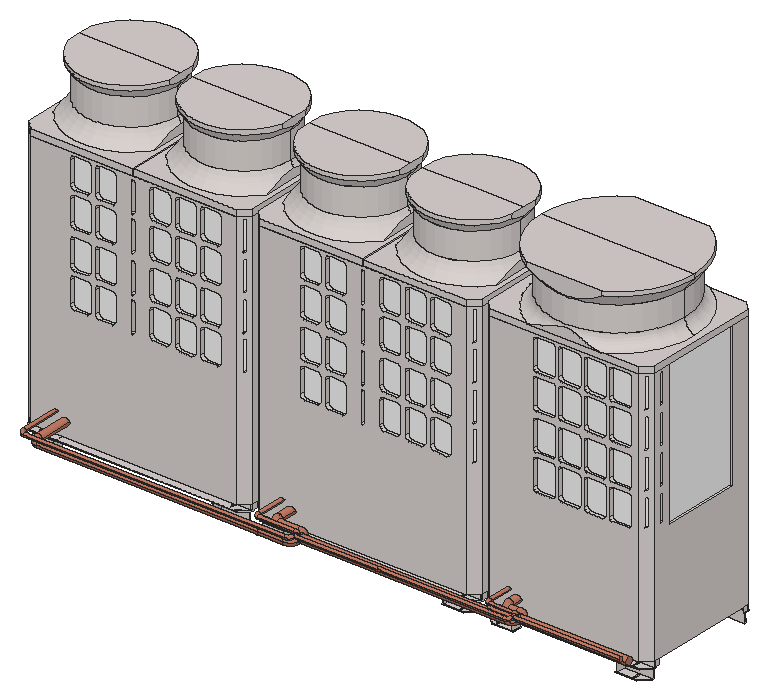
Revit family "PUHY-EP1000YSNW-A", category Mechanical Equipment, Revit 2012
Parameters (values of type "PUHY-EP1000YSNW-A_380V_50Hz")
  Sound Pressure Level (dB(A)) Heating mode = 68.5
  Sound Pressure Level (dB(A)) Cooling mode = 68
  Model = "PUHY-EP1000YSNW-A"
  Width = 3460 mm
  WarrantyStart = ""
  Voltage = 380 V
  Unit Weight (kg) = 821
  URL = "http://www.mitsubishielectric.com/"
  Temp. range of heating (Outdoor temp.) (W.B.) = "-20.0 to 15.5"
  Temp. range of heating (Indoor temp.) (D.B.) = "15.0 to 27.0"
  TagNumber = 0
  Subcategory = "HVAC"
  Space View = yes
  SerialNumber = 0
  ReplacementYear = ""
  Refrigerant type = "R410A"
  Refrigerant Charge (kg) = 27.1
  Protection Devices_Inverter circuit (COMP./FAN) = "Over-heat protection, Over-current protection"
  Protection Devices_High pressure (MPa) = "High pressure sensor, High pressure switch at 4.15"
  Phase = 3
  Manufacturer = "Mitsubishi Electric Corporation"
  Outdoor unit 3 = PUHY-EP250YNW-A : PUHY-EP250YNW-A
  Outdoor unit 2 = PUHY-EP350YNW-A : PUHY-EP350YNW-A
  Outdoor unit 1 = PUHY-EP400YNW-A : PUHY-EP400YNW-A
  Note_1 = "Refrigerant pipe diameters may change depending on the installation condition. Please refer to the installation manual."
  Maximum Circuit Ampacity (A) = 68.7
  Liquid pipe_radius = 9.525 mm
  InstallationDate = ""
  Indoor Unit Total Capacity = "50 to 130% of outdoor unit capacity"
  Indoor Unit Model/Quantity = "P15 to P250/2 to 50"
  Hertz = 50 Hz
  Height = 1858 mm
  Heating Power Input (kW) = 28.7
  Heating Current (A) = 48.4
  Heating Capacity (kW) = 127
  Heating COP (kW/kW) = 4.42
  Gas pipe_radius = 20.64 mm
  Fan_Type = "Propeller Fan"
  Fan_Quantity = 5
  Fan Motor Output (kW) = 2.76
  External static pressure (Pa) = 0
  External Finish = "Pre-coated galvanized steel sheets (+powder coating for -BS type) <MUNSELL 5Y 8/1 or similar>"
  Equip_description = ""
  Equip_No. = 0
  Equip_ID = ""
  Description = ""
  Depth = 740 mm
  CreatedOn = ""
  CreatedBy = ""
  Cooling Power Input (kW) = 25.33
  Cooling EER (kW/kW) = 4.46
  Cooling Current (A) = 42.7
  Cooling Capacity (kW) = 113
  Compressor_Type = "Inverter scroll hermetic compressor"
  Compressor_Quantity = 3
  Compressor_Lubricant = "MEL32"
  Compressor Motor Output (kW) = 27.7
  Category = ""
  Barcode = ""
  AssetIdentifier = ""
  Airflow Rate (m3/min) = 725
  Airflow Rate (m3/h) = 43500
Reference planes
  plane 1 "Center (Front/Back)": y = 0
  plane 2: z = 0
  plane 3 "Center (Left/Right)": x = -160
  plane 4: z = 1710
  plane 5: z = 60
  plane 6: y = 370
  plane 7 "front": y = -370
  plane 8: x = -1890
  plane 9: x = 1570
  plane 10: x = -620
  plane 11: x = 620
  plane 12: x = -650
  plane 13: x = 650
  plane 14: y = 370
  plane 15: y = -370
  plane 16: z = 1858
Forms (mm)
  Sweep 1, solid, material "Copper"
    path origin (137.855, 17.925, 207.255) x (0, -1, 0) y (1, 0, 0)
      loop
        line (380, -1839.039) -> (605, -1839.039)
        arc (605, -1839.039) -> (626.213, -1830.253) -> (635, -1809.039) r 30
        line (635, -1809.039) -> (635, -368.337)
        arc (635, -368.337) -> (629.142, -354.195) -> (615, -348.337) r 20
        line (615, -348.337) -> (590, -348.337)
        arc (590, -348.337) -> (575.858, -354.195) -> (570, -368.337) r 20
        line (570, -368.337) -> (570, -568.337)
        arc (570, -568.337) -> (564.142, -582.479) -> (550, -588.337) r 20
        line (550, -588.337) -> (380, -588.337)
    profile origin (-1701.184, -474.575, 207.255) x (1, 0, 0) y (0, 0, 1)
      loop
        circle (0, 0) r 9.525
  Sweep 2, solid, material "Copper"
    path origin (111.295, 17.925, 173.255) x (-1, 0, 0) y (0, -1, 0)
      loop
        line (1758.141, 380) -> (1758.141, 575)
        arc (1758.141, 575) -> (1747.889, 599.749) -> (1723.141, 610) r 35
        line (1723.141, 610) -> (502, 610) -> (364.723, 610)
        arc (364.723, 610) -> (339.974, 599.749) -> (329.723, 575) r 35
        line (329.723, 575) -> (329.723, 545)
        arc (329.723, 545) -> (339.974, 520.251) -> (364.723, 510) r 35
        line (364.723, 510) -> (475.673, 510)
        arc (475.673, 510) -> (500.421, 499.749) -> (510.673, 475) r 35
        line (510.673, 475) -> (510.673, 380)
    profile origin (-1646.846, -459.575, 173.255) x (1, 0, 0) y (0, 0, 1)
      loop
        circle (0, 0) r 20.64
  Sweep 3, solid, material "Copper"
    path origin (214.685, 17.925, 207.255) x (0, -1, 0) y (1, 0, 0)
      loop
        line (605, -426.689) -> (605, 43.311) -> (605, 737.327)
        arc (605, 737.327) -> (599.142, 751.469) -> (585, 757.327) r 20
        line (585, 757.327) -> (560.96, 757.327)
        arc (560.96, 757.327) -> (546.818, 751.469) -> (540.96, 737.327) r 20
        line (540.96, 737.327) -> (540.96, 607.327)
        arc (540.96, 607.327) -> (535.102, 593.185) -> (520.96, 587.327) r 20
        line (520.96, 587.327) -> (380, 587.327)
    profile origin (22.996, -587.075, 207.255) x (0, 1, 0) y (0, 0, 1)
      loop
        circle (0, 0) r 9.525
  Sweep 4, solid, material "Copper"
    path origin (188.125, 17.925, 173.255) x (-1, 0, 0) y (0, -1, 0)
      loop
        line (406.853, 555.96) -> (-741.149, 555.96)
        arc (-741.149, 555.96) -> (-765.897, 545.709) -> (-776.149, 520.96) r 35
        line (-776.149, 520.96) -> (-776.149, 510)
        arc (-776.149, 510) -> (-765.897, 485.251) -> (-741.149, 475) r 35
        line (-741.149, 475) -> (-696.149, 475)
        arc (-696.149, 475) -> (-671.4, 464.749) -> (-661.149, 440) r 35
        line (-661.149, 440) -> (-661.149, 380)
    profile origin (355.273, -538.035, 173.255) x (0, 1, 0) y (0, 0, 1)
      loop
        circle (0, 0) r 20.64
  Sweep 5, solid, material "Copper"
    path origin (114.685, 17.925, 207.255) x (0, -1, 0) y (1, 0, 0)
      loop
        line (572.806, 727.767) -> (572.806, 1455.315)
    profile origin (1206.226, -554.881, 207.255) x (0, 1, 0) y (0, 0, 1)
      loop
        circle (0, 0) r 9.525
  Sweep 6, solid, material "Copper"
    path origin (88.125, 17.925, 173.255) x (-1, 0, 0) y (0, -1, 0)
      loop
        line (-749.534, 515.995) -> (-1481.875, 515.995)
    profile origin (1203.83, -498.07, 173.255) x (0, 1, 0) y (0, 0, 1)
      loop
        circle (0, 0) r 20.64
Dimensions and locks
  nested 2 to nested 1 = 30 mm
  nested 1 to nested 3 = 30 mm
  nested 1 to nested 1 = 1240 mm
  nested 2 to nested 2 = 1240 mm
  nested 3 to nested 3 = 920 mm
  "Liquid pipe_radius": radius of Sweep 5 sketch curve
  "Gas pipe_radius": radius of Sweep 6 sketch curve
  aligned and locked: level to plane 2
Automatic sketch dimensions
  Sweep 1 sketch curve to plane 7 "front" = 7.925 mm  (x2)
  plane 7 "front" to Sweep 1 sketch curve = 162.075 mm
  Sweep 1 sketch curve to plane 3 "Center (Left/Right)" = 70.482 mm
  Sweep 1 sketch curve to Sweep 1 sketch curve = 20 mm
  Sweep 1 sketch curve to plane 3 "Center (Left/Right)" = 50.482 mm
  plane 7 "front" to Sweep 1 sketch curve = 217.075 mm
  Sweep 1 sketch curve to Sweep 1 sketch curve = 25 mm
  Sweep 1 sketch curve to Sweep 1 sketch curve = 30 mm
  Sweep 1 sketch curve to plane 3 "Center (Left/Right)" = 270.482 mm
  profile plane to Sweep 1 sketch curve = 0 mm
  Sweep 1 sketch curve to profile plane = 0 mm
  Sweep 2 sketch curve to plane 3 "Center (Left/Right)" = 58.427 mm
  Sweep 2 sketch curve to plane 3 "Center (Left/Right)" = 93.427 mm  (x2)
  Sweep 2 sketch curve to plane 3 "Center (Left/Right)" = 204.377 mm
  Sweep 2 sketch curve to plane 3 "Center (Left/Right)" = 230.705 mm
  Sweep 2 sketch curve to Sweep 2 sketch curve = 35 mm  (x2)
  plane 7 "front" to Sweep 2 sketch curve = 222.075 mm
  Sweep 2 sketch curve to Sweep 2 sketch curve = 30 mm
  Sweep 2 sketch curve to plane 7 "front" = 7.925 mm  (x2)
  profile plane to Sweep 2 sketch curve = 0 mm
  Sweep 2 sketch curve to profile plane = 0 mm
  Sweep 3 sketch curve to profile plane = 0 mm  (x2)
  plane 7 "front" to Sweep 4 sketch curve = 122.075 mm
  plane 7 "front" to Sweep 4 sketch curve = 87.075 mm
  Sweep 4 sketch curve to Sweep 4 sketch curve = 0 mm
  Sweep 4 sketch curve to Sweep 4 sketch curve = 45 mm
  plane 7 "front" to Sweep 4 sketch curve = 52.075 mm
  Sweep 4 sketch curve to plane 3 "Center (Left/Right)" = 58.728 mm
  Sweep 4 sketch curve to Sweep 4 sketch curve = 60 mm
  Sweep 4 sketch curve to Sweep 4 sketch curve = 10.96 mm
  Sweep 4 sketch curve to profile plane = 0 mm  (x2)
  Sweep 5 sketch curve to profile plane = 0 mm  (x2)
  Sweep 6 sketch curve to profile plane = 0 mm  (x2)
  Sweep 3 sketch curve to plane 7 "front" = 7.925 mm
  plane 7 "front" to Sweep 3 sketch curve = 133.035 mm
  Sweep 3 sketch curve to Sweep 3 sketch curve = 20 mm  (x2)
  Sweep 3 sketch curve to Sweep 3 sketch curve = 24.04 mm
  plane 7 "front" to Sweep 3 sketch curve = 217.075 mm
  Sweep 3 sketch curve to plane 3 "Center (Left/Right)" = 52.004 mm
  Sweep 3 sketch curve to Sweep 3 sketch curve = 470 mm
  Sweep 3 sketch curve to Sweep 3 sketch curve = 544.016 mm
  Sweep 3 sketch curve to Sweep 3 sketch curve = 130 mm
  Sweep 1 sketch curve to Sweep 1 sketch curve = 1220.702 mm
  Sweep 2 sketch curve to Sweep 2 sketch curve = 1212.468 mm
  Sweep 4 sketch curve to Sweep 4 sketch curve = 1068.002 mm
  Sweep 5 sketch curve to plane 9 = 0 mm
  plane 7 "front" to Sweep 5 sketch curve = 184.881 mm
  Sweep 5 sketch curve to plane 9 = 727.547 mm
  Sweep 6 sketch curve to plane 9 = 0 mm
  plane 7 "front" to Sweep 6 sketch curve = 128.07 mm
  Sweep 6 sketch curve to plane 9 = 732.341 mm
  radius of Sweep 1 sketch curve = 9.525 mm
  radius of Sweep 2 sketch curve = 20.64 mm
  radius of Sweep 3 sketch curve = 9.525 mm
  radius of Sweep 4 sketch curve = 20.64 mm
Nested families
  nested 1: "PUHY-EP350YNW-A" at (0, 0, 0), type <- "Outdoor unit 2", type "PUHY-EP350YNW-A"
  nested 2: "PUHY-EP400YNW-A" at (-1270, 0, 0), type <- "Outdoor unit 1", type "PUHY-EP400YNW-A"
  nested 3: "PUHY-EP250YNW-A" at (1110, 0, 0), type <- "Outdoor unit 3", type "PUHY-EP250YNW-A"
Connectors
  piping at (1570, -498.07, 173.255), driven by "Gas pipe_radius"
    settings: on Sweep 6, index 1, connector radius 20.64 mm, flow factor 0, pipe flow 0.0 L/s, pressure drop 0.0 Pa, fitting loss kfactor 0, connector angle 0.00°, fixture units 0, engagement length 0 mm, flow configuration 0, flow direction 0, fitting loss method 0, system type 22, joint type 0, gender type 0, connector reference index -1, connector utility 0, adjustable connector no, is connector primary yes, fitting loss table "", connector description "Indoor unit-Twinning pipe(Gas)"
  piping at (1570, -554.881, 207.255), driven by "Liquid pipe_radius"
    settings: on Sweep 5, index 2, connector radius 9.525 mm, flow factor 0, pipe flow 0.0 L/s, pressure drop 0.0 Pa, fitting loss kfactor 0, connector angle 0.00°, fixture units 0, engagement length 0 mm, flow configuration 0, flow direction 0, fitting loss method 0, system type 22, joint type 0, gender type 0, connector reference index -1, connector utility 0, adjustable connector no, is connector primary no, fitting loss table "", connector description "Indoor unit-Twinning pipe(Liquid)"
  electrical at (992, -370, 279), driven by "Phase", driven by "Voltage"
    settings: index 3, voltage 380 V, apparent load 0 VA, apparent load phase1 0 VA, apparent load phase2 0 VA, apparent load phase3 0 VA, power factor 1, load classification "その他", number of poles 3, system type 30, power factor state 1, is connector primary yes, connector utility no, sub classification motor no, connector description ""
  electrical at (-258, -370, 279), driven by "Phase", driven by "Voltage"
    settings: index 4, voltage 380 V, apparent load 0 VA, apparent load phase1 0 VA, apparent load phase2 0 VA, apparent load phase3 0 VA, power factor 1, load classification "その他", number of poles 3, system type 30, power factor state 1, is connector primary no, connector utility no, sub classification motor no, connector description ""
  electrical at (-1508, -370, 279), driven by "Phase", driven by "Voltage"
    settings: index 5, voltage 380 V, apparent load 0 VA, apparent load phase1 0 VA, apparent load phase2 0 VA, apparent load phase3 0 VA, power factor 1, load classification "その他", number of poles 3, system type 30, power factor state 1, is connector primary no, connector utility no, sub classification motor no, connector description ""
Definition of nested family "PUHY-EP350YNW-A"
  Parameters (values of type "PUHY-P350YNW-A")
    Model = "PUHY-P350YNW-A"
    URL = "http://www.mitsubishielectric.com/"
    Manufacturer = "Mitsubishi Electric Corporation"
    Liquid pipe_radius = 12.7 mm
    Gas pipe_radius = 14.29 mm
  Reference planes
    plane 1 "Center (Front/Back)": y = 0
    plane 2: z = 0
    plane 3 "Center (Left/Right)": x = 0
    plane 4: y = 370
    plane 5: z = 1858
    plane 6: y = -260
    plane 7: y = -204
    plane 8: y = -185
    plane 9: x = -620
    plane 10: x = 620
    plane 11: x = -620
    plane 12: z = 716
    plane 13: x = -524
    plane 14: z = 669
    plane 15: x = -50.5
    plane 16: x = 51
    plane 17: x = 489
    plane 18: x = 467
    plane 19 "132": x = 488
    plane 20 "100": z = 160
    plane 21: z = 185
    plane 22: x = 413
    plane 23: x = 364
    plane 24: z = 150
    plane 25: x = -287.25
    plane 26: x = -137.25
    plane 27: x = -272.25
    plane 28: y = -278
    plane 29: z = 1509
    plane 30: y = -370
    plane 31: x = -530
    plane 32: x = 530
    plane 33 "179": y = -191
  Forms (mm)
    Extrusion 1, solid, material "Paint_5Y 8/1"
      sketch origin (-1, 0, 113) x (-1, 0, 0) y (0, -1, 0)
        loop
          line (569, -370) -> (619, -320) -> (619, 320) -> (569, 370) -> (-571, 370) -> (-621, 320) -> (-621, -320) -> (-571, -370) -> (569, -370)
      from -18 to 1408
    Extrusion 2, void
      sketch origin (524, -370, 113) x (1, 0, 0) y (0, 0, -1)
        loop
          arc (-60.8, -1393.5) -> (-42.557, -1385.943) -> (-35, -1367.7) r 25.8
          line (-35, -1367.7) -> (-35, -1248.5)
          arc (-35, -1248.5) -> (-42.557, -1230.257) -> (-60.8, -1222.7) r 25.8
          line (-60.8, -1222.7) -> (-126, -1222.7)
          arc (-126, -1222.7) -> (-144.243, -1230.257) -> (-151.8, -1248.5) r 25.8
          line (-151.8, -1248.5) -> (-151.8, -1367.7)
          arc (-151.8, -1367.7) -> (-144.243, -1385.943) -> (-126, -1393.5) r 25.8
          line (-126, -1393.5) -> (-60.8, -1393.5)
      from 0 to 20
    Extrusion 3, void
      sketch origin (524, -370, -81) x (1, 0, 0) y (0, 0, -1)
        loop
          arc (-60.8, -1393.5) -> (-42.557, -1385.943) -> (-35, -1367.7) r 25.8
          line (-35, -1367.7) -> (-35, -1248.5)
          arc (-35, -1248.5) -> (-42.557, -1230.257) -> (-60.8, -1222.7) r 25.8
          line (-60.8, -1222.7) -> (-126, -1222.7)
          arc (-126, -1222.7) -> (-144.243, -1230.257) -> (-151.8, -1248.5) r 25.8
          line (-151.8, -1248.5) -> (-151.8, -1367.7)
          arc (-151.8, -1367.7) -> (-144.243, -1385.943) -> (-126, -1393.5) r 25.8
          line (-126, -1393.5) -> (-60.8, -1393.5)
      from 0 to 20
    Extrusion 4, void
      sketch origin (524, -370, -287) x (1, 0, 0) y (0, 0, -1)
        loop
          arc (-60.8, -1393.5) -> (-42.557, -1385.943) -> (-35, -1367.7) r 25.8
          line (-35, -1367.7) -> (-35, -1248.5)
          arc (-35, -1248.5) -> (-42.557, -1230.257) -> (-60.8, -1222.7) r 25.8
          line (-60.8, -1222.7) -> (-126, -1222.7)
          arc (-126, -1222.7) -> (-144.243, -1230.257) -> (-151.8, -1248.5) r 25.8
          line (-151.8, -1248.5) -> (-151.8, -1367.7)
          arc (-151.8, -1367.7) -> (-144.243, -1385.943) -> (-126, -1393.5) r 25.8
          line (-126, -1393.5) -> (-60.8, -1393.5)
      from 0 to 20
    Extrusion 5, void
      sketch origin (524, -370, -481) x (1, 0, 0) y (0, 0, -1)
        loop
          arc (-60.8, -1393.5) -> (-42.557, -1385.943) -> (-35, -1367.7) r 25.8
          line (-35, -1367.7) -> (-35, -1248.5)
          arc (-35, -1248.5) -> (-42.557, -1230.257) -> (-60.8, -1222.7) r 25.8
          line (-60.8, -1222.7) -> (-126, -1222.7)
          arc (-126, -1222.7) -> (-144.243, -1230.257) -> (-151.8, -1248.5) r 25.8
          line (-151.8, -1248.5) -> (-151.8, -1367.7)
          arc (-151.8, -1367.7) -> (-144.243, -1385.943) -> (-126, -1393.5) r 25.8
          line (-126, -1393.5) -> (-60.8, -1393.5)
      from 0 to 20
    Extrusion 6, void
      sketch origin (384, -370, 113) x (1, 0, 0) y (0, 0, -1)
        loop
          arc (-60.8, -1393.5) -> (-42.557, -1385.943) -> (-35, -1367.7) r 25.8
          line (-35, -1367.7) -> (-35, -1248.5)
          arc (-35, -1248.5) -> (-42.557, -1230.257) -> (-60.8, -1222.7) r 25.8
          line (-60.8, -1222.7) -> (-126, -1222.7)
          arc (-126, -1222.7) -> (-144.243, -1230.257) -> (-151.8, -1248.5) r 25.8
          line (-151.8, -1248.5) -> (-151.8, -1367.7)
          arc (-151.8, -1367.7) -> (-144.243, -1385.943) -> (-126, -1393.5) r 25.8
          line (-126, -1393.5) -> (-60.8, -1393.5)
      from 0 to 20
    Extrusion 7, void
      sketch origin (384, -370, -81) x (1, 0, 0) y (0, 0, -1)
        loop
          arc (-60.8, -1393.5) -> (-42.557, -1385.943) -> (-35, -1367.7) r 25.8
          line (-35, -1367.7) -> (-35, -1248.5)
          arc (-35, -1248.5) -> (-42.557, -1230.257) -> (-60.8, -1222.7) r 25.8
          line (-60.8, -1222.7) -> (-126, -1222.7)
          arc (-126, -1222.7) -> (-144.243, -1230.257) -> (-151.8, -1248.5) r 25.8
          line (-151.8, -1248.5) -> (-151.8, -1367.7)
          arc (-151.8, -1367.7) -> (-144.243, -1385.943) -> (-126, -1393.5) r 25.8
          line (-126, -1393.5) -> (-60.8, -1393.5)
      from 0 to 20
    Extrusion 8, void
      sketch origin (384, -370, -287) x (1, 0, 0) y (0, 0, -1)
        loop
          arc (-60.8, -1393.5) -> (-42.557, -1385.943) -> (-35, -1367.7) r 25.8
          line (-35, -1367.7) -> (-35, -1248.5)
          arc (-35, -1248.5) -> (-42.557, -1230.257) -> (-60.8, -1222.7) r 25.8
          line (-60.8, -1222.7) -> (-126, -1222.7)
          arc (-126, -1222.7) -> (-144.243, -1230.257) -> (-151.8, -1248.5) r 25.8
          line (-151.8, -1248.5) -> (-151.8, -1367.7)
          arc (-151.8, -1367.7) -> (-144.243, -1385.943) -> (-126, -1393.5) r 25.8
          line (-126, -1393.5) -> (-60.8, -1393.5)
      from 0 to 20
    Extrusion 9, void
      sketch origin (384, -370, -481) x (1, 0, 0) y (0, 0, -1)
        loop
          arc (-60.8, -1393.5) -> (-42.557, -1385.943) -> (-35, -1367.7) r 25.8
          line (-35, -1367.7) -> (-35, -1248.5)
          arc (-35, -1248.5) -> (-42.557, -1230.257) -> (-60.8, -1222.7) r 25.8
          line (-60.8, -1222.7) -> (-126, -1222.7)
          arc (-126, -1222.7) -> (-144.243, -1230.257) -> (-151.8, -1248.5) r 25.8
          line (-151.8, -1248.5) -> (-151.8, -1367.7)
          arc (-151.8, -1367.7) -> (-144.243, -1385.943) -> (-126, -1393.5) r 25.8
          line (-126, -1393.5) -> (-60.8, -1393.5)
      from 0 to 20
    Extrusion 10, void
      sketch origin (244, -370, 113) x (1, 0, 0) y (0, 0, -1)
        loop
          arc (-60.8, -1393.5) -> (-42.557, -1385.943) -> (-35, -1367.7) r 25.8
          line (-35, -1367.7) -> (-35, -1248.5)
          arc (-35, -1248.5) -> (-42.557, -1230.257) -> (-60.8, -1222.7) r 25.8
          line (-60.8, -1222.7) -> (-126, -1222.7)
          arc (-126, -1222.7) -> (-144.243, -1230.257) -> (-151.8, -1248.5) r 25.8
          line (-151.8, -1248.5) -> (-151.8, -1367.7)
          arc (-151.8, -1367.7) -> (-144.243, -1385.943) -> (-126, -1393.5) r 25.8
          line (-126, -1393.5) -> (-60.8, -1393.5)
      from 0 to 20
    Extrusion 11, void
      sketch origin (244, -370, -81) x (1, 0, 0) y (0, 0, -1)
        loop
          arc (-60.8, -1393.5) -> (-42.557, -1385.943) -> (-35, -1367.7) r 25.8
          line (-35, -1367.7) -> (-35, -1248.5)
          arc (-35, -1248.5) -> (-42.557, -1230.257) -> (-60.8, -1222.7) r 25.8
          line (-60.8, -1222.7) -> (-126, -1222.7)
          arc (-126, -1222.7) -> (-144.243, -1230.257) -> (-151.8, -1248.5) r 25.8
          line (-151.8, -1248.5) -> (-151.8, -1367.7)
          arc (-151.8, -1367.7) -> (-144.243, -1385.943) -> (-126, -1393.5) r 25.8
          line (-126, -1393.5) -> (-60.8, -1393.5)
      from 0 to 20
    Extrusion 12, void
      sketch origin (244, -370, -287) x (1, 0, 0) y (0, 0, -1)
        loop
          arc (-60.8, -1393.5) -> (-42.557, -1385.943) -> (-35, -1367.7) r 25.8
          line (-35, -1367.7) -> (-35, -1248.5)
          arc (-35, -1248.5) -> (-42.557, -1230.257) -> (-60.8, -1222.7) r 25.8
          line (-60.8, -1222.7) -> (-126, -1222.7)
          arc (-126, -1222.7) -> (-144.243, -1230.257) -> (-151.8, -1248.5) r 25.8
          line (-151.8, -1248.5) -> (-151.8, -1367.7)
          arc (-151.8, -1367.7) -> (-144.243, -1385.943) -> (-126, -1393.5) r 25.8
          line (-126, -1393.5) -> (-60.8, -1393.5)
      from 0 to 20
    Extrusion 13, void
      sketch origin (244, -370, -481) x (1, 0, 0) y (0, 0, -1)
        loop
          arc (-60.8, -1393.5) -> (-42.557, -1385.943) -> (-35, -1367.7) r 25.8
          line (-35, -1367.7) -> (-35, -1248.5)
          arc (-35, -1248.5) -> (-42.557, -1230.257) -> (-60.8, -1222.7) r 25.8
          line (-60.8, -1222.7) -> (-126, -1222.7)
          arc (-126, -1222.7) -> (-144.243, -1230.257) -> (-151.8, -1248.5) r 25.8
          line (-151.8, -1248.5) -> (-151.8, -1367.7)
          arc (-151.8, -1367.7) -> (-144.243, -1385.943) -> (-126, -1393.5) r 25.8
          line (-126, -1393.5) -> (-60.8, -1393.5)
      from 0 to 20
    Extrusion 14, void
      sketch origin (-56, -370, 113) x (1, 0, 0) y (0, 0, -1)
        loop
          arc (-60.8, -1393.5) -> (-42.557, -1385.943) -> (-35, -1367.7) r 25.8
          line (-35, -1367.7) -> (-35, -1248.5)
          arc (-35, -1248.5) -> (-42.557, -1230.257) -> (-60.8, -1222.7) r 25.8
          line (-60.8, -1222.7) -> (-126, -1222.7)
          arc (-126, -1222.7) -> (-144.243, -1230.257) -> (-151.8, -1248.5) r 25.8
          line (-151.8, -1248.5) -> (-151.8, -1367.7)
          arc (-151.8, -1367.7) -> (-144.243, -1385.943) -> (-126, -1393.5) r 25.8
          line (-126, -1393.5) -> (-60.8, -1393.5)
      from 0 to 20
    Extrusion 15, void
      sketch origin (-56, -370, -81) x (1, 0, 0) y (0, 0, -1)
        loop
          arc (-60.8, -1393.5) -> (-42.557, -1385.943) -> (-35, -1367.7) r 25.8
          line (-35, -1367.7) -> (-35, -1248.5)
          arc (-35, -1248.5) -> (-42.557, -1230.257) -> (-60.8, -1222.7) r 25.8
          line (-60.8, -1222.7) -> (-126, -1222.7)
          arc (-126, -1222.7) -> (-144.243, -1230.257) -> (-151.8, -1248.5) r 25.8
          line (-151.8, -1248.5) -> (-151.8, -1367.7)
          arc (-151.8, -1367.7) -> (-144.243, -1385.943) -> (-126, -1393.5) r 25.8
          line (-126, -1393.5) -> (-60.8, -1393.5)
      from 0 to 20
    Extrusion 16, void
      sketch origin (-56, -370, -287) x (1, 0, 0) y (0, 0, -1)
        loop
          arc (-60.8, -1393.5) -> (-42.557, -1385.943) -> (-35, -1367.7) r 25.8
          line (-35, -1367.7) -> (-35, -1248.5)
          arc (-35, -1248.5) -> (-42.557, -1230.257) -> (-60.8, -1222.7) r 25.8
          line (-60.8, -1222.7) -> (-126, -1222.7)
          arc (-126, -1222.7) -> (-144.243, -1230.257) -> (-151.8, -1248.5) r 25.8
          line (-151.8, -1248.5) -> (-151.8, -1367.7)
          arc (-151.8, -1367.7) -> (-144.243, -1385.943) -> (-126, -1393.5) r 25.8
          line (-126, -1393.5) -> (-60.8, -1393.5)
      from 0 to 20
    Extrusion 17, void
      sketch origin (-56, -370, -481) x (1, 0, 0) y (0, 0, -1)
        loop
          arc (-60.8, -1393.5) -> (-42.557, -1385.943) -> (-35, -1367.7) r 25.8
          line (-35, -1367.7) -> (-35, -1248.5)
          arc (-35, -1248.5) -> (-42.557, -1230.257) -> (-60.8, -1222.7) r 25.8
          line (-60.8, -1222.7) -> (-126, -1222.7)
          arc (-126, -1222.7) -> (-144.243, -1230.257) -> (-151.8, -1248.5) r 25.8
          line (-151.8, -1248.5) -> (-151.8, -1367.7)
          arc (-151.8, -1367.7) -> (-144.243, -1385.943) -> (-126, -1393.5) r 25.8
          line (-126, -1393.5) -> (-60.8, -1393.5)
      from 0 to 20
    Extrusion 18, void
      sketch origin (-196, -370, 113) x (1, 0, 0) y (0, 0, -1)
        loop
          arc (-60.8, -1393.5) -> (-42.557, -1385.943) -> (-35, -1367.7) r 25.8
          line (-35, -1367.7) -> (-35, -1248.5)
          arc (-35, -1248.5) -> (-42.557, -1230.257) -> (-60.8, -1222.7) r 25.8
          line (-60.8, -1222.7) -> (-126, -1222.7)
          arc (-126, -1222.7) -> (-144.243, -1230.257) -> (-151.8, -1248.5) r 25.8
          line (-151.8, -1248.5) -> (-151.8, -1367.7)
          arc (-151.8, -1367.7) -> (-144.243, -1385.943) -> (-126, -1393.5) r 25.8
          line (-126, -1393.5) -> (-60.8, -1393.5)
      from 0 to 20
    Extrusion 19, void
      sketch origin (-196, -370, -81) x (1, 0, 0) y (0, 0, -1)
        loop
          arc (-60.8, -1393.5) -> (-42.557, -1385.943) -> (-35, -1367.7) r 25.8
          line (-35, -1367.7) -> (-35, -1248.5)
          arc (-35, -1248.5) -> (-42.557, -1230.257) -> (-60.8, -1222.7) r 25.8
          line (-60.8, -1222.7) -> (-126, -1222.7)
          arc (-126, -1222.7) -> (-144.243, -1230.257) -> (-151.8, -1248.5) r 25.8
          line (-151.8, -1248.5) -> (-151.8, -1367.7)
          arc (-151.8, -1367.7) -> (-144.243, -1385.943) -> (-126, -1393.5) r 25.8
          line (-126, -1393.5) -> (-60.8, -1393.5)
      from 0 to 20
    Extrusion 20, void
      sketch origin (-196, -370, -287) x (1, 0, 0) y (0, 0, -1)
        loop
          arc (-60.8, -1393.5) -> (-42.557, -1385.943) -> (-35, -1367.7) r 25.8
          line (-35, -1367.7) -> (-35, -1248.5)
          arc (-35, -1248.5) -> (-42.557, -1230.257) -> (-60.8, -1222.7) r 25.8
          line (-60.8, -1222.7) -> (-126, -1222.7)
          arc (-126, -1222.7) -> (-144.243, -1230.257) -> (-151.8, -1248.5) r 25.8
          line (-151.8, -1248.5) -> (-151.8, -1367.7)
          arc (-151.8, -1367.7) -> (-144.243, -1385.943) -> (-126, -1393.5) r 25.8
          line (-126, -1393.5) -> (-60.8, -1393.5)
      from 0 to 20
    Extrusion 21, void
      sketch origin (-196, -370, -481) x (1, 0, 0) y (0, 0, -1)
        loop
          arc (-60.8, -1393.5) -> (-42.557, -1385.943) -> (-35, -1367.7) r 25.8
          line (-35, -1367.7) -> (-35, -1248.5)
          arc (-35, -1248.5) -> (-42.557, -1230.257) -> (-60.8, -1222.7) r 25.8
          line (-60.8, -1222.7) -> (-126, -1222.7)
          arc (-126, -1222.7) -> (-144.243, -1230.257) -> (-151.8, -1248.5) r 25.8
          line (-151.8, -1248.5) -> (-151.8, -1367.7)
          arc (-151.8, -1367.7) -> (-144.243, -1385.943) -> (-126, -1393.5) r 25.8
          line (-126, -1393.5) -> (-60.8, -1393.5)
      from 0 to 20
    Extrusion 22, void
      sketch origin (620, 320, 113) x (0, 1, 0) y (0, 0, -1)
        loop
          line (-462.3, -1408) -> (-50.8, -1408) -> (-50.8, -612) -> (-462.3, -612) -> (-462.3, -1408)
      from 0 to 20
    Extrusion 23, void
      sketch origin (-620, -320, 113) x (0, -1, 0) y (0, 0, -1)
        loop
          line (-535.7, -1408) -> (-207.7, -1408) -> (-207.7, -592) -> (-535.7, -592) -> (-535.7, -1408)
      from 0 to 20
    Extrusion 24, void
      sketch origin (194.892, 370, 113) x (-1, 0, 0) y (0, 0, -1)
        loop
          arc (204.892, -1225.013) -> (194.892, -1215.013) -> (184.892, -1225.013) r 10
          line (184.892, -1225.013) -> (184.892, -1379.987)
          arc (184.892, -1379.987) -> (194.892, -1389.987) -> (204.892, -1379.987) r 10
          line (204.892, -1379.987) -> (204.892, -1225.013)
        loop
          arc (204.892, -1031.013) -> (194.892, -1021.013) -> (184.892, -1031.013) r 10
          line (184.892, -1031.013) -> (184.892, -1185.987)
          arc (184.892, -1185.987) -> (194.892, -1195.987) -> (204.892, -1185.987) r 10
          line (204.892, -1185.987) -> (204.892, -1031.013)
        loop
          arc (204.892, -825.013) -> (194.892, -815.013) -> (184.892, -825.013) r 10
          line (184.892, -825.013) -> (184.892, -979.987)
          arc (184.892, -979.987) -> (194.892, -989.987) -> (204.892, -979.987) r 10
          line (204.892, -979.987) -> (204.892, -825.013)
        loop
          arc (204.892, -631.013) -> (194.892, -621.013) -> (184.892, -631.013) r 10
          line (184.892, -631.013) -> (184.892, -785.987)
          arc (184.892, -785.987) -> (194.892, -795.987) -> (204.892, -785.987) r 10
          line (204.892, -785.987) -> (204.892, -631.013)
      from 0 to 20
    Extrusion 25, void
      sketch origin (-570, 370, 113) x (0.707107, 0.707107, 0) y (0, 0, 1)
        loop
          arc (-45.355, 1236) -> (-35.355, 1226) -> (-25.355, 1236) r 10
          line (-25.355, 1236) -> (-25.355, 1386)
          arc (-25.355, 1386) -> (-35.355, 1396) -> (-45.355, 1386) r 10
          line (-45.355, 1386) -> (-45.355, 1236)
        loop
          arc (-45.355, 1036) -> (-35.355, 1026) -> (-25.355, 1036) r 10
          line (-25.355, 1036) -> (-25.355, 1186)
          arc (-25.355, 1186) -> (-35.355, 1196) -> (-45.355, 1186) r 10
          line (-45.355, 1186) -> (-45.355, 1036)
        loop
          arc (-45.355, 836) -> (-35.355, 826) -> (-25.355, 836) r 10
          line (-25.355, 836) -> (-25.355, 986)
          arc (-25.355, 986) -> (-35.355, 996) -> (-45.355, 986) r 10
          line (-45.355, 986) -> (-45.355, 836)
        loop
          arc (-45.355, 641) -> (-35.355, 631) -> (-25.355, 641) r 10
          line (-25.355, 641) -> (-25.355, 791)
          arc (-25.355, 791) -> (-35.355, 801) -> (-45.355, 791) r 10
          line (-45.355, 791) -> (-45.355, 641)
      from 0 to 20
    Extrusion 26, void
      sketch origin (-620, -320, 113) x (0, -1, 0) y (0, 0, -1)
        loop
          line (-607.846, -1035.895) -> (-607.846, -1186.105)
          arc (-607.846, -1186.105) -> (-597.846, -1196.105) -> (-587.846, -1186.105) r 10
          line (-587.846, -1186.105) -> (-587.846, -1035.895)
          arc (-587.846, -1035.895) -> (-597.846, -1025.895) -> (-607.846, -1035.895) r 10
        loop
          line (-607.846, -835.895) -> (-607.846, -986.105)
          arc (-607.846, -986.105) -> (-597.846, -996.105) -> (-587.846, -986.105) r 10
          line (-587.846, -986.105) -> (-587.846, -835.895)
          arc (-587.846, -835.895) -> (-597.846, -825.895) -> (-607.846, -835.895) r 10
        loop
          line (-607.846, -1235.895) -> (-607.846, -1386.105)
          arc (-607.846, -1386.105) -> (-597.846, -1396.105) -> (-587.846, -1386.105) r 10
          line (-587.846, -1386.105) -> (-587.846, -1235.895)
          arc (-587.846, -1235.895) -> (-597.846, -1225.895) -> (-607.846, -1235.895) r 10
        loop
          line (-607.846, -635.895) -> (-607.846, -786.105)
          arc (-607.846, -786.105) -> (-597.846, -796.105) -> (-587.846, -786.105) r 10
          line (-587.846, -786.105) -> (-587.846, -635.895)
          arc (-587.846, -635.895) -> (-597.846, -625.895) -> (-607.846, -635.895) r 10
      from 0 to 20
    Extrusion 27, void
      sketch origin (1079, -370, 113) x (1, 0, 0) y (0, 0, -1)
        loop
          arc (-1089, -1379.975) -> (-1079, -1389.975) -> (-1069, -1379.975) r 10
          line (-1069, -1379.975) -> (-1069, -1225)
          arc (-1069, -1225) -> (-1079, -1215) -> (-1089, -1225) r 10
          line (-1089, -1225) -> (-1089, -1379.975)
        loop
          arc (-1089, -1185.975) -> (-1079, -1195.975) -> (-1069, -1185.975) r 10
          line (-1069, -1185.975) -> (-1069, -1031)
          arc (-1069, -1031) -> (-1079, -1021) -> (-1089, -1031) r 10
          line (-1089, -1031) -> (-1089, -1185.975)
        loop
          arc (-1089, -979.975) -> (-1079, -989.975) -> (-1069, -979.975) r 10
          line (-1069, -979.975) -> (-1069, -825)
          arc (-1069, -825) -> (-1079, -815) -> (-1089, -825) r 10
          line (-1089, -825) -> (-1089, -979.975)
        loop
          arc (-1089, -785.975) -> (-1079, -795.975) -> (-1069, -785.975) r 10
          line (-1069, -785.975) -> (-1069, -631)
          arc (-1069, -631) -> (-1079, -621) -> (-1089, -631) r 10
          line (-1089, -631) -> (-1089, -785.975)
      from 0 to 20
    Extrusion 28, void
      sketch origin (-571, 370, 113) x (-1, 0, 0) y (0, 0, -1)
        loop
          line (-519.5, -1408) -> (-48, -1408) -> (-48, -556) -> (-519.5, -556) -> (-519.5, -1408)
      from 0 to 20
    Extrusion 29, void
      sketch origin (-571, 370, 113) x (-1, 0, 0) y (0, 0, -1)
        loop
          line (-1038, -1408) -> (-622, -1408) -> (-622, -556) -> (-1038, -556) -> (-1038, -1408)
      from 0 to 20
    Extrusion 30, void
      sketch origin (620, 320, 113) x (0, 1, 0) y (0, 0, -1)
        loop
          arc (-588, -1035.791) -> (-598, -1025.791) -> (-608, -1035.791) r 10
          line (-608, -1035.791) -> (-608, -1186)
          arc (-608, -1186) -> (-598, -1196) -> (-588, -1186) r 10
          line (-588, -1186) -> (-588, -1035.791)
        loop
          arc (-588, -835.791) -> (-598, -825.791) -> (-608, -835.791) r 10
          line (-608, -835.791) -> (-608, -986)
          arc (-608, -986) -> (-598, -996) -> (-588, -986) r 10
          line (-588, -986) -> (-588, -835.791)
        loop
          arc (-588, -1235.791) -> (-598, -1225.791) -> (-608, -1235.791) r 10
          line (-608, -1235.791) -> (-608, -1386)
          arc (-608, -1386) -> (-598, -1396) -> (-588, -1386) r 10
          line (-588, -1386) -> (-588, -1235.791)
        loop
          arc (-588, -635.791) -> (-598, -625.791) -> (-608, -635.791) r 10
          line (-608, -635.791) -> (-608, -786)
          arc (-608, -786) -> (-598, -796) -> (-588, -786) r 10
          line (-588, -786) -> (-588, -635.791)
      from 0 to 20
    Extrusion 31, void
      sketch origin (1291.751, 351.751, 113) x (0.707107, 0.707107, 0) y (0, 0, -1)
        loop
          line (-995.311, -1236) -> (-995.311, -1386)
          arc (-995.311, -1386) -> (-985.311, -1396) -> (-975.311, -1386) r 10
          line (-975.311, -1386) -> (-975.311, -1236)
          arc (-975.311, -1236) -> (-985.311, -1226) -> (-995.311, -1236) r 10
        loop
          line (-995.311, -1036) -> (-995.311, -1186)
          arc (-995.311, -1186) -> (-985.311, -1196) -> (-975.311, -1186) r 10
          line (-975.311, -1186) -> (-975.311, -1036)
          arc (-975.311, -1036) -> (-985.311, -1026) -> (-995.311, -1036) r 10
        loop
          line (-995.311, -836) -> (-995.311, -986)
          arc (-995.311, -986) -> (-985.311, -996) -> (-975.311, -986) r 10
          line (-975.311, -986) -> (-975.311, -836)
          arc (-975.311, -836) -> (-985.311, -826) -> (-995.311, -836) r 10
        loop
          line (-995.311, -641) -> (-995.311, -791)
          arc (-995.311, -791) -> (-985.311, -801) -> (-975.311, -791) r 10
          line (-975.311, -791) -> (-975.311, -641)
          arc (-975.311, -641) -> (-985.311, -631) -> (-995.311, -641) r 10
      from 0 to 20
    Extrusion 32, void
      sketch origin (0, -191, 0) x (-1, 0, 0) y (0, 0, 1)
        loop
          circle (460, 176) r 6.35
      from 0 to 78.7
    Extrusion 33, void
      sketch origin (0, -191, 0) x (-1, 0, 0) y (0, 0, 1)
        loop
          circle (377, 176) r 14.29
      from 0 to 78.7
  Cuts and joins
    Extrusion 2, Extrusion 3, Extrusion 4, Extrusion 5, Extrusion 6, Extrusion 7, Extrusion 8, Extrusion 9, Extrusion 10, Extrusion 11, Extrusion 12, Extrusion 13, Extrusion 14, Extrusion 15, Extrusion 16, Extrusion 17, Extrusion 18, Extrusion 19, Extrusion 20, Extrusion 21, Extrusion 22, Extrusion 23, Extrusion 24, Extrusion 25, Extrusion 26, Extrusion 27, Extrusion 28, Extrusion 29, Extrusion 30, Extrusion 31, Extrusion 32, Extrusion 33 cuts Extrusion 1
  Lines and regions (mm)
    model lines
      curve 1: line (-351, -291, 95) -> (-481, -291, 95)
      curve 2: line (-342, -206, 95) -> (-342, -282, 95)
      curve 3: line (-481, -197, 95) -> (-351, -197, 95)
      curve 4: line (-492, -280, 95) -> (-492, -208, 95)
      curve 5: arc (-492, -280, 95) -> (-488.778, -287.778, 95) -> (-481, -291, 95) r 11
      curve 6: arc (-351, -291, 95) -> (-344.636, -288.364, 95) -> (-342, -282, 95) r 9
      curve 7: arc (-342, -206, 95) -> (-344.636, -199.636, 95) -> (-351, -197, 95) r 9
      curve 8: arc (-481, -197, 95) -> (-488.778, -200.222, 95) -> (-492, -208, 95) r 11
      curve 9: line (-30, -370, 1521) -> (-30, -370, 95)
      curve 10: line (30, -370, 1521) -> (30, -370, 95)
      curve 11: line (-485, -370, 215) -> (-357, -370, 215)
      curve 12: line (-495, -370, 141) -> (-495, -370, 205)
      curve 13: line (-357, -370, 131) -> (-485, -370, 131)
      curve 14: line (-347, -370, 205) -> (-347, -370, 141)
      curve 15: arc (-485, -370, 215) -> (-492.071, -370, 212.071) -> (-495, -370, 205) r 10
      curve 16: arc (-495, -370, 141) -> (-492.071, -370, 133.929) -> (-485, -370, 131) r 10
      curve 17: arc (-357, -370, 131) -> (-349.929, -370, 133.929) -> (-347, -370, 141) r 10
      curve 18: arc (-347, -370, 205) -> (-349.929, -370, 212.071) -> (-357, -370, 215) r 10
      curve 19: line (-405, -370, 1521) -> (-405, -370, 716)
      curve 20: line (620, -162.3, 1521) -> (620, -162.3, 95)
      curve 21: line (620, 289.2, 1521) -> (620, 289.2, 95)
      curve 22: line (620, -162.3, 705) -> (620, 289.2, 705)
      curve 23: line (620, -162.3, 725) -> (620, 289.2, 725)
      curve 24: line (620, -76.8, 583) -> (620, 203.2, 583)
      curve 25: line (620, 203.2, 563) -> (620, -76.8, 563)
      curve 26: arc (620, -76.8, 583) -> (620, -83.871, 580.071) -> (620, -86.8, 573) r 10
      curve 27: arc (620, -76.8, 563) -> (620, -83.871, 565.929) -> (620, -86.8, 573) r 10
      curve 28: arc (620, 203.2, 583) -> (620, 210.271, 580.071) -> (620, 213.2, 573) r 10
      curve 29: arc (620, 203.2, 563) -> (620, 210.271, 565.929) -> (620, 213.2, 573) r 10
      curve 30: line (620, -76.8, 478) -> (620, 203.2, 478)
      curve 31: line (620, 203.2, 458) -> (620, -76.8, 458)
      curve 32: arc (620, -76.8, 478) -> (620, -83.871, 475.071) -> (620, -86.8, 468) r 10
      curve 33: arc (620, -76.8, 458) -> (620, -83.871, 460.929) -> (620, -86.8, 468) r 10
      curve 34: arc (620, 203.2, 478) -> (620, 210.271, 475.071) -> (620, 213.2, 468) r 10
      curve 35: arc (620, 203.2, 458) -> (620, 210.271, 460.929) -> (620, 213.2, 468) r 10
      curve 36: line (620, -76.8, 373) -> (620, 203.2, 373)
      curve 37: line (620, 203.2, 353) -> (620, -76.8, 353)
      curve 38: arc (620, -76.8, 373) -> (620, -83.871, 370.071) -> (620, -86.8, 363) r 10
      curve 39: arc (620, -76.8, 353) -> (620, -83.871, 355.929) -> (620, -86.8, 363) r 10
      curve 40: arc (620, 203.2, 373) -> (620, 210.271, 370.071) -> (620, 213.2, 363) r 10
      curve 41: arc (620, 203.2, 353) -> (620, 210.271, 355.929) -> (620, 213.2, 363) r 10
      curve 42: line (620, -76.8, 268) -> (620, 203.2, 268)
      curve 43: line (620, 203.2, 248) -> (620, -76.8, 248)
      curve 44: arc (620, -76.8, 268) -> (620, -83.871, 265.071) -> (620, -86.8, 258) r 10
      curve 45: arc (620, -76.8, 248) -> (620, -83.871, 250.929) -> (620, -86.8, 258) r 10
      curve 46: arc (620, 203.2, 268) -> (620, 210.271, 265.071) -> (620, 213.2, 258) r 10
      curve 47: arc (620, 203.2, 248) -> (620, 210.271, 250.929) -> (620, 213.2, 258) r 10
      curve 48: line (-620, -162.3, 1521) -> (-620, -162.3, 95)
      curve 49: line (-620, 235.7, 1521) -> (-620, 235.7, 95)
      curve 50: line (-620, -112.3, 1521) -> (-620, -112.3, 705)
      curve 51: line (-620, 215.7, 1521) -> (-620, 215.7, 705)
      curve 52: line (-620, 235.7, 705) -> (-620, -162.3, 705)
      curve 53: line (-620, 176.7, 268) -> (-620, -103.3, 268)
      curve 54: line (-620, -103.3, 248) -> (-620, 176.7, 248)
      curve 55: arc (-620, 186.7, 258) -> (-620, 183.771, 265.071) -> (-620, 176.7, 268) r 10
      curve 56: arc (-620, 176.7, 248) -> (-620, 183.771, 250.929) -> (-620, 186.7, 258) r 10
      curve 57: arc (-620, -103.3, 268) -> (-620, -110.371, 265.071) -> (-620, -113.3, 258) r 10
      curve 58: arc (-620, -113.3, 258) -> (-620, -110.371, 250.929) -> (-620, -103.3, 248) r 10
      curve 59: line (-620, 176.7, 373) -> (-620, -103.3, 373)
      curve 60: line (-620, -103.3, 353) -> (-620, 176.7, 353)
      curve 61: arc (-620, 186.7, 363) -> (-620, 183.771, 370.071) -> (-620, 176.7, 373) r 10
      curve 62: arc (-620, 176.7, 353) -> (-620, 183.771, 355.929) -> (-620, 186.7, 363) r 10
      curve 63: arc (-620, -103.3, 373) -> (-620, -110.371, 370.071) -> (-620, -113.3, 363) r 10
      curve 64: arc (-620, -113.3, 363) -> (-620, -110.371, 355.929) -> (-620, -103.3, 353) r 10
      curve 65: line (-620, 176.7, 478) -> (-620, -103.3, 478)
      curve 66: line (-620, -103.3, 458) -> (-620, 176.7, 458)
      curve 67: arc (-620, 186.7, 468) -> (-620, 183.771, 475.071) -> (-620, 176.7, 478) r 10
      curve 68: arc (-620, 176.7, 458) -> (-620, 183.771, 460.929) -> (-620, 186.7, 468) r 10
      curve 69: arc (-620, -103.3, 478) -> (-620, -110.371, 475.071) -> (-620, -113.3, 468) r 10
      curve 70: arc (-620, -113.3, 468) -> (-620, -110.371, 460.929) -> (-620, -103.3, 458) r 10
      curve 71: line (-620, 176.7, 583) -> (-620, -103.3, 583)
      curve 72: line (-620, -103.3, 563) -> (-620, 176.7, 563)
      curve 73: arc (-620, 186.7, 573) -> (-620, 183.771, 580.071) -> (-620, 176.7, 583) r 10
      curve 74: arc (-620, 176.7, 563) -> (-620, 183.771, 565.929) -> (-620, 186.7, 573) r 10
      curve 75: arc (-620, -103.3, 583) -> (-620, -110.371, 580.071) -> (-620, -113.3, 573) r 10
      curve 76: arc (-620, -113.3, 573) -> (-620, -110.371, 565.929) -> (-620, -103.3, 563) r 10
      curve 77: line (-544, 370, 1521) -> (-544, 370, 95)
      curve 78: line (489, 370, 649) -> (30, 370, 649)
      curve 79: line (-30.5, 370, 649) -> (-544, 370, 649)
      curve 80: line (-147.25, 370, 584) -> (-427.25, 370, 584)
      curve 81: line (-427.25, 370, 564) -> (-147.25, 370, 564)
      curve 82: arc (-137.25, 370, 574) -> (-140.179, 370, 581.071) -> (-147.25, 370, 584) r 10
      curve 83: arc (-147.25, 370, 564) -> (-140.179, 370, 566.929) -> (-137.25, 370, 574) r 10
      curve 84: arc (-427.25, 370, 584) -> (-434.321, 370, 581.071) -> (-437.25, 370, 574) r 10
      curve 85: arc (-437.25, 370, 574) -> (-434.321, 370, 566.929) -> (-427.25, 370, 564) r 10
      curve 86: circle (448, -185, 1521) r 15 normal (0, 0, 1)
      curve 87: circle (468, -185, 95) r 26 normal (0, 0, 1)
      curve 88: circle (448, -260, 95) r 32.5 normal (0, 0, 1)
      curve 89: circle (404, -204, 95) r 17 normal (0, 0, 1)
      curve 90: line (-550, -370, 1521) -> (-550, -370, 95)
      curve 91: line (-550, -370, 716) -> (-30, -370, 716)
      curve 92: line (550, -370, 95) -> (550, -370, 1521)
      curve 93: line (30, -370, 716) -> (550, -370, 716)
      curve 94: line (-30.5, 370, 1521) -> (-30.5, 370, 95)
      curve 95: line (30, 370, 1521) -> (30, 370, 95)
      curve 96: line (489, 370, 1521) -> (489, 370, 95)
      curve 97: line (467, 370, 669) -> (467, 370, 649)
      curve 98: line (-352, -370, 223) -> (-550, -370, 223)
      curve 99: line (-342, -370, 213) -> (-342, -370, 95)
      curve 100: arc (-342, -370, 213) -> (-344.929, -370, 220.071) -> (-352, -370, 223) r 10
      curve 101: circle (488, -370, 160) r 32.5 normal (0, -1, 0)
      curve 102: circle (488, -370, 160) r 20 normal (0, -1, 0)
      curve 103: circle (364, -370, 150) r 17 normal (0, -1, 0)
      curve 104: circle (413, -370, 185) r 26 normal (0, -1, 0)
      curve 105: circle (413, -370, 185) r 13.5 normal (0, -1, 0)
      curve 106: line (352, -370, 223) -> (550, -370, 223)
      curve 107: line (342, -370, 213) -> (342, -370, 95)
      curve 108: arc (342, -370, 213) -> (344.929, -370, 220.071) -> (352, -370, 223) r 10
      curve 109: line (-147.25, 370, 479) -> (-427.25, 370, 479)
      curve 110: line (-427.25, 370, 459) -> (-147.25, 370, 459)
      curve 111: arc (-137.25, 370, 469) -> (-140.179, 370, 476.071) -> (-147.25, 370, 479) r 10
      curve 112: arc (-147.25, 370, 459) -> (-140.179, 370, 461.929) -> (-137.25, 370, 469) r 10
      curve 113: arc (-427.25, 370, 479) -> (-434.321, 370, 476.071) -> (-437.25, 370, 469) r 10
      curve 114: arc (-437.25, 370, 469) -> (-434.321, 370, 461.929) -> (-427.25, 370, 459) r 10
      curve 115: line (-147.25, 370, 374) -> (-427.25, 370, 374)
      curve 116: line (-427.25, 370, 354) -> (-147.25, 370, 354)
      curve 117: arc (-137.25, 370, 364) -> (-140.179, 370, 371.071) -> (-147.25, 370, 374) r 10
      curve 118: arc (-147.25, 370, 354) -> (-140.179, 370, 356.929) -> (-137.25, 370, 364) r 10
      curve 119: arc (-427.25, 370, 374) -> (-434.321, 370, 371.071) -> (-437.25, 370, 364) r 10
      curve 120: arc (-437.25, 370, 364) -> (-434.321, 370, 356.929) -> (-427.25, 370, 354) r 10
      curve 121: line (-147.25, 370, 269) -> (-427.25, 370, 269)
      curve 122: line (-427.25, 370, 249) -> (-147.25, 370, 249)
      curve 123: arc (-137.25, 370, 259) -> (-140.179, 370, 266.071) -> (-147.25, 370, 269) r 10
      curve 124: arc (-147.25, 370, 249) -> (-140.179, 370, 251.929) -> (-137.25, 370, 259) r 10
      curve 125: arc (-427.25, 370, 269) -> (-434.321, 370, 266.071) -> (-437.25, 370, 259) r 10
      curve 126: arc (-437.25, 370, 259) -> (-434.321, 370, 251.929) -> (-427.25, 370, 249) r 10
      curve 127: line (399.5, 370, 584) -> (119.5, 370, 584)
      curve 128: line (119.5, 370, 564) -> (399.5, 370, 564)
      curve 129: arc (409.5, 370, 574) -> (406.571, 370, 581.071) -> (399.5, 370, 584) r 10
      curve 130: arc (399.5, 370, 564) -> (406.571, 370, 566.929) -> (409.5, 370, 574) r 10
      curve 131: arc (119.5, 370, 584) -> (112.429, 370, 581.071) -> (109.5, 370, 574) r 10
      curve 132: arc (109.5, 370, 574) -> (112.429, 370, 566.929) -> (119.5, 370, 564) r 10
      curve 133: line (399.5, 370, 479) -> (119.5, 370, 479)
      curve 134: line (119.5, 370, 459) -> (399.5, 370, 459)
      curve 135: arc (409.5, 370, 469) -> (406.571, 370, 476.071) -> (399.5, 370, 479) r 10
      curve 136: arc (399.5, 370, 459) -> (406.571, 370, 461.929) -> (409.5, 370, 469) r 10
      curve 137: arc (119.5, 370, 479) -> (112.429, 370, 476.071) -> (109.5, 370, 469) r 10
      curve 138: arc (109.5, 370, 469) -> (112.429, 370, 461.929) -> (119.5, 370, 459) r 10
      curve 139: line (399.5, 370, 374) -> (119.5, 370, 374)
      curve 140: line (119.5, 370, 354) -> (399.5, 370, 354)
      curve 141: arc (409.5, 370, 364) -> (406.571, 370, 371.071) -> (399.5, 370, 374) r 10
      curve 142: arc (399.5, 370, 354) -> (406.571, 370, 356.929) -> (409.5, 370, 364) r 10
      curve 143: arc (119.5, 370, 374) -> (112.429, 370, 371.071) -> (109.5, 370, 364) r 10
      curve 144: arc (109.5, 370, 364) -> (112.429, 370, 356.929) -> (119.5, 370, 354) r 10
      curve 145: line (399.5, 370, 269) -> (119.5, 370, 269)
      curve 146: line (119.5, 370, 249) -> (399.5, 370, 249)
      curve 147: arc (409.5, 370, 259) -> (406.571, 370, 266.071) -> (399.5, 370, 269) r 10
      curve 148: arc (399.5, 370, 249) -> (406.571, 370, 251.929) -> (409.5, 370, 259) r 10
      curve 149: arc (119.5, 370, 269) -> (112.429, 370, 266.071) -> (109.5, 370, 259) r 10
      curve 150: arc (109.5, 370, 259) -> (112.429, 370, 251.929) -> (119.5, 370, 249) r 10
      curve 151: line (399.5, -370, 584) -> (119.5, -370, 584)
      curve 152: line (119.5, -370, 564) -> (399.5, -370, 564)
      curve 153: arc (409.5, -370, 574) -> (406.571, -370, 581.071) -> (399.5, -370, 584) r 10
      curve 154: arc (399.5, -370, 564) -> (406.571, -370, 566.929) -> (409.5, -370, 574) r 10
      curve 155: arc (119.5, -370, 584) -> (112.429, -370, 581.071) -> (109.5, -370, 574) r 10
      curve 156: arc (109.5, -370, 574) -> (112.429, -370, 566.929) -> (119.5, -370, 564) r 10
      curve 157: line (399.5, -370, 479) -> (119.5, -370, 479)
      curve 158: line (119.5, -370, 459) -> (399.5, -370, 459)
      curve 159: arc (409.5, -370, 469) -> (406.571, -370, 476.071) -> (399.5, -370, 479) r 10
      curve 160: arc (399.5, -370, 459) -> (406.571, -370, 461.929) -> (409.5, -370, 469) r 10
      curve 161: arc (119.5, -370, 479) -> (112.429, -370, 476.071) -> (109.5, -370, 469) r 10
      curve 162: arc (109.5, -370, 469) -> (112.429, -370, 461.929) -> (119.5, -370, 459) r 10
      curve 163: line (399.5, -370, 374) -> (119.5, -370, 374)
      curve 164: line (119.5, -370, 354) -> (399.5, -370, 354)
      curve 165: arc (409.5, -370, 364) -> (406.571, -370, 371.071) -> (399.5, -370, 374) r 10
      curve 166: arc (399.5, -370, 354) -> (406.571, -370, 356.929) -> (409.5, -370, 364) r 10
      curve 167: arc (119.5, -370, 374) -> (112.429, -370, 371.071) -> (109.5, -370, 364) r 10
      curve 168: arc (109.5, -370, 364) -> (112.429, -370, 356.929) -> (119.5, -370, 354) r 10
      curve 169: arc (119.5, -370, 269) -> (112.429, -370, 266.071) -> (109.5, -370, 259) r 10
      curve 170: arc (109.5, -370, 259) -> (112.429, -370, 251.929) -> (119.5, -370, 249) r 10
      curve 171: line (-147.25, -370, 584) -> (-427.25, -370, 584)
      curve 172: line (-427.25, -370, 564) -> (-147.25, -370, 564)
      curve 173: arc (-137.25, -370, 574) -> (-140.179, -370, 581.071) -> (-147.25, -370, 584) r 10
      curve 174: arc (-147.25, -370, 564) -> (-140.179, -370, 566.929) -> (-137.25, -370, 574) r 10
      curve 175: arc (-427.25, -370, 584) -> (-434.321, -370, 581.071) -> (-437.25, -370, 574) r 10
      curve 176: arc (-437.25, -370, 574) -> (-434.321, -370, 566.929) -> (-427.25, -370, 564) r 10
      curve 177: line (-147.25, -370, 479) -> (-427.25, -370, 479)
      curve 178: line (-427.25, -370, 459) -> (-147.25, -370, 459)
      curve 179: arc (-137.25, -370, 469) -> (-140.179, -370, 476.071) -> (-147.25, -370, 479) r 10
      curve 180: arc (-147.25, -370, 459) -> (-140.179, -370, 461.929) -> (-137.25, -370, 469) r 10
      curve 181: arc (-427.25, -370, 479) -> (-434.321, -370, 476.071) -> (-437.25, -370, 469) r 10
      curve 182: arc (-437.25, -370, 469) -> (-434.321, -370, 461.929) -> (-427.25, -370, 459) r 10
      curve 183: line (-147.25, -370, 374) -> (-427.25, -370, 374)
      curve 184: line (-427.25, -370, 354) -> (-147.25, -370, 354)
      curve 185: arc (-137.25, -370, 364) -> (-140.179, -370, 371.071) -> (-147.25, -370, 374) r 10
      curve 186: arc (-147.25, -370, 354) -> (-140.179, -370, 356.929) -> (-137.25, -370, 364) r 10
      curve 187: arc (-427.25, -370, 374) -> (-434.321, -370, 371.071) -> (-437.25, -370, 364) r 10
      curve 188: arc (-437.25, -370, 364) -> (-434.321, -370, 356.929) -> (-427.25, -370, 354) r 10
      curve 189: line (-147.25, -370, 269) -> (-262.25, -370, 269)
      curve 190: line (-262.25, -370, 249) -> (-147.25, -370, 249)
      curve 191: arc (-137.25, -370, 259) -> (-140.179, -370, 266.071) -> (-147.25, -370, 269) r 10
      curve 192: arc (-147.25, -370, 249) -> (-140.179, -370, 251.929) -> (-137.25, -370, 259) r 10
      curve 193: arc (-262.25, -370, 269) -> (-269.321, -370, 266.071) -> (-272.25, -370, 259) r 10
      curve 194: arc (-272.25, -370, 259) -> (-269.321, -370, 251.929) -> (-262.25, -370, 249) r 10
      curve 195: line (234.5, -370, 269) -> (119.5, -370, 269)
      curve 196: line (119.5, -370, 249) -> (234.5, -370, 249)
      curve 197: arc (244.5, -370, 259) -> (241.571, -370, 266.071) -> (234.5, -370, 269) r 10
      curve 198: arc (234.5, -370, 249) -> (241.571, -370, 251.929) -> (244.5, -370, 259) r 10
  Dimensions and locks
    nested 2 to nested 2 = 303 mm
    cut or joined group 1 (Extrusion 1, Extrusion 2, Extrusion 3, Extrusion 4, Extrusion 5, Extrusion 6, Extrusion 7, Extrusion 8, Extrusion 9, Extrusion 10, Extrusion 11, Extrusion 12, Extrusion 13, Extrusion 14, Extrusion 15, Extrusion 16, Extrusion 17, Extrusion 18, Extrusion 19, Extrusion 20, Extrusion 21, Extrusion 22, Extrusion 23, Extrusion 24, Extrusion 25, Extrusion 26, Extrusion 27, Extrusion 28, Extrusion 29, Extrusion 30, Extrusion 31, Extrusion 32, Extrusion 33) to cut or joined group 1 = 1240 mm
    Extrusion 2 sketch curve to Extrusion 2 sketch curve = 116.8 mm
    Extrusion 2 sketch curve to Extrusion 2 sketch curve = 170.8 mm
    Extrusion 3 sketch curve to Extrusion 3 sketch curve = 116.8 mm
    Extrusion 3 sketch curve to Extrusion 3 sketch curve = 170.8 mm
    Extrusion 4 sketch curve to Extrusion 4 sketch curve = 116.8 mm
    Extrusion 4 sketch curve to Extrusion 4 sketch curve = 170.8 mm
    Extrusion 5 sketch curve to Extrusion 5 sketch curve = 116.8 mm
    Extrusion 5 sketch curve to Extrusion 5 sketch curve = 170.8 mm
    Extrusion 6 sketch curve to Extrusion 6 sketch curve = 116.8 mm
    Extrusion 6 sketch curve to Extrusion 6 sketch curve = 170.8 mm
    Extrusion 7 sketch curve to Extrusion 7 sketch curve = 116.8 mm
    Extrusion 7 sketch curve to Extrusion 7 sketch curve = 170.8 mm
    Extrusion 8 sketch curve to Extrusion 8 sketch curve = 116.8 mm
    Extrusion 8 sketch curve to Extrusion 8 sketch curve = 170.8 mm
    Extrusion 9 sketch curve to Extrusion 9 sketch curve = 116.8 mm
    Extrusion 9 sketch curve to Extrusion 9 sketch curve = 170.8 mm
    cut or joined group 1 to cut or joined group 1 = 50 mm  (x2)
    Extrusion 10 sketch curve to Extrusion 10 sketch curve = 116.8 mm
    Extrusion 10 sketch curve to Extrusion 10 sketch curve = 170.8 mm
    Extrusion 11 sketch curve to Extrusion 11 sketch curve = 116.8 mm
    Extrusion 11 sketch curve to Extrusion 11 sketch curve = 170.8 mm
    Extrusion 12 sketch curve to Extrusion 12 sketch curve = 116.8 mm
    Extrusion 12 sketch curve to Extrusion 12 sketch curve = 170.8 mm
    Extrusion 13 sketch curve to Extrusion 13 sketch curve = 116.8 mm
    Extrusion 13 sketch curve to Extrusion 13 sketch curve = 170.8 mm
    Extrusion 14 sketch curve to Extrusion 14 sketch curve = 116.8 mm
    Extrusion 14 sketch curve to Extrusion 14 sketch curve = 170.8 mm
    Extrusion 15 sketch curve to Extrusion 15 sketch curve = 116.8 mm
    Extrusion 15 sketch curve to Extrusion 15 sketch curve = 170.8 mm
    Extrusion 16 sketch curve to Extrusion 16 sketch curve = 116.8 mm
    Extrusion 16 sketch curve to Extrusion 16 sketch curve = 170.8 mm
    Extrusion 17 sketch curve to Extrusion 17 sketch curve = 116.8 mm
    Extrusion 17 sketch curve to Extrusion 17 sketch curve = 170.8 mm
    Extrusion 18 sketch curve to Extrusion 18 sketch curve = 116.8 mm
    Extrusion 18 sketch curve to Extrusion 18 sketch curve = 170.8 mm
    Extrusion 19 sketch curve to Extrusion 19 sketch curve = 116.8 mm
    Extrusion 19 sketch curve to Extrusion 19 sketch curve = 170.8 mm
    Extrusion 20 sketch curve to Extrusion 20 sketch curve = 116.8 mm
    Extrusion 20 sketch curve to Extrusion 20 sketch curve = 170.8 mm
    Extrusion 21 sketch curve to Extrusion 21 sketch curve = 116.8 mm
    Extrusion 21 sketch curve to Extrusion 21 sketch curve = 170.8 mm
    plane 3 "Center (Left/Right)" to cut or joined group 1 = 620 mm
